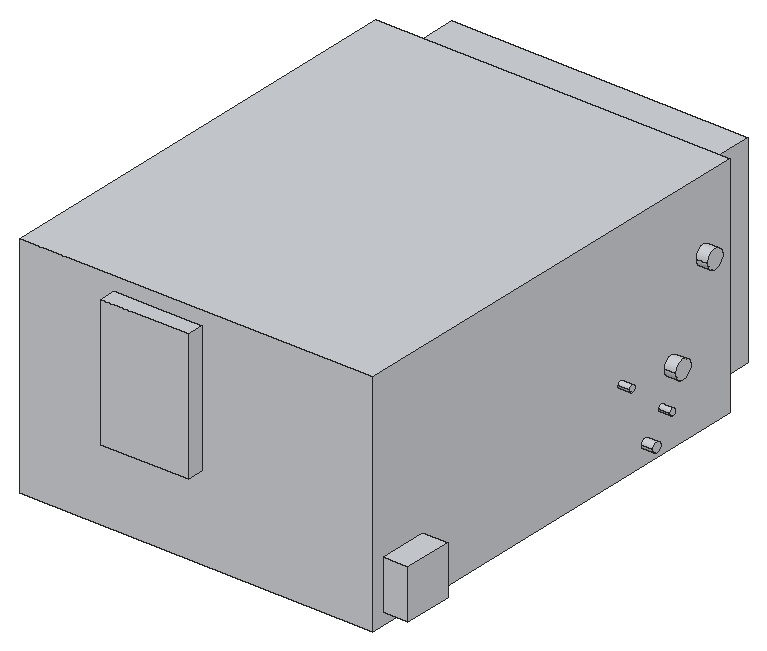
Revit family "843a816d398440ae8cb27027ffbc65f6", category Mechanical Equipment, Revit 2021
Family settings
  Round Connector Dimension = Use Radius
  Part Type = Normal
  OmniClass Number = 23.75.70.17.27
  OmniClass Title = Fan Coil Units
  Seek Item ID = Fan Coil Unit - Horizontal - Belt Drive - CHW-0000-USA-ENU
  Work Plane-Based = No
  Always vertical = Yes
  Cut with Voids When Loaded = No
  Shared = No
  Room Calculation Point = No
Parameters (values of type "600 CFM")
  Voltage = 120 V
  Unit Width = 3' - 0 3/16"
  Unit Length = 2' - 4 11/16"
  Unit Height = 1' - 6 1/2"
  Total Cooling Capacity = 19500 Btu/h
  Supply Air Width = 7 1/8"
  Supply Air Height = 10 9/16"
  Sensible Cooling Capacity = 14500 Btu/h
  Return Air Width = 24 1/16"
  Return Air Height = 16 7/16"
  Number of Poles = 1
  Nominal Air Flow [instance] = 600 CFM
  Load Classification = Cooling
  Heating Water Pressure Drop [instance] = 11.30 psi
  Heating Water Flow [instance] = 2 GPM
  Heating Capacity = 46900 Btu/h
  External Static Pressure [instance] = 0.30 in-wg
  Drain Flow [instance] = 0 GPM
  Default Elevation = 0' - 0"
  Chilled Water Radius = 3/4"
  Chilled Water Pressure Drop [instance] = 11.30 psi
  Chilled Water Flow [instance] = 3 GPM
  Chilled Water Diameter = Chilled Water Radius * 2  # 1 1/2"
  CFU Material = none
  C6 Offset 2 = 0' - 1 1/8"
  C6 Offset 1 = 1' - 1 7/8"
  C4 Offset 2 = 0' - 7"
  C4 Offset 1 = 1' - 3 1/2"
  C3 Offset 2 = 0' - 3 1/2"
  C3 Offset 1 = 0' - 7"
  C2 Offset 2 = 1' - 0 3/4"
  C1 Offset 2 = 0' - 6 1/8"
  C1 Offset 1 = 0' - 5 15/16"
  Apparent Load = 3413 VA
Types (9): name | Voltage | Unit Width | Unit Length | Unit Height | Total Cooling Capacity | Supply Air Width | Supply Air Height | Sensible Cooling Capacity | Return Air Width | Return Air Height | Number of Poles | Nominal Air Flow | Heating Water Pressure Drop | Heating Water Flow | Heating Capacity | Chilled Water Radius | Chilled Water Pressure Drop | Chilled Water Flow | Chilled Water Diameter | C6 Offset 2 | C6 Offset 1 | C4 Offset 2 | C4 Offset 1 | C3 Offset 2 | C3 Offset 1 | C2 Offset 2 | C1 Offset 2 | Apparent Load
  (no name) | 120 V | 3' - 0 3/16" | 2' - 4 11/16" | 1' - 6 1/2" | 19500 Btu/h | 7 1/8" | 10 9/16" | 14500 Btu/h | 24 1/16" | 16 7/16" | 1 | 600 CFM | 11.30 psi | 2 GPM | 46900 Btu/h | 3/4" | 11.30 psi | 3 GPM | 1 1/2" | 0' - 1 1/8" | 1' - 1 7/8" | 0' - 7" | 1' - 3 1/2" | 0' - 3 1/2" | 0' - 7" | 1' - 0 3/4" | 0' - 6 1/8" | 3413 VA
  600 CFM | 120 V | 3' - 0 3/16" | 2' - 4 11/16" | 1' - 6 1/2" | 19500 Btu/h | 7 1/8" | 10 9/16" | 14500 Btu/h | 24 1/16" | 16 7/16" | 1 | 600 CFM | 11.30 psi | 2 GPM | 46900 Btu/h | 3/4" | 11.30 psi | 3 GPM | 1 1/2" | 0' - 1 1/8" | 1' - 1 7/8" | 0' - 7" | 1' - 3 1/2" | 0' - 3 1/2" | 0' - 7" | 1' - 0 3/4" | 0' - 6 1/8" | 3413 VA
  800 CFM | 120 V | 3' - 0 3/16" | 2' - 4 11/16" | 1' - 6 1/2" | 24900 Btu/h | 8 9/16" | 10 9/16" | 18600 Btu/h | 24 1/16" | 16 7/16" | 1 | 800 CFM | 20.10 psi | 2 GPM | 46900 Btu/h | 3/4" | 20.10 psi | 4 GPM | 1 1/2" | 0' - 1 1/8" | 1' - 1 7/8" | 0' - 7" | 1' - 3 1/2" | 0' - 3 1/2" | 0' - 7" | 1' - 0 3/4" | 0' - 6 1/8" | 3413 VA
  1000 CFM | 120 V | 3' - 1 3/4" | 3' - 1 1/16" | 1' - 8 1/4" | 34600 Btu/h | 7 1/2" | 11 11/16" | 24900 Btu/h | 33 1/16" | 18 3/16" | 1 | 1000 CFM | 35.80 psi | 2 GPM | 46900 Btu/h | 3/4" | 35.80 psi | 5 GPM | 1 1/2" | 0' - 1 1/8" | 1' - 1 7/8" | 0' - 7" | 1' - 5 1/8" | 0' - 5 1/8" | 0' - 7" | 1' - 2 3/8" | 0' - 7 3/4" | 3413 VA
  1200 CFM | 120 V | 3' - 1 3/4" | 3' - 1 1/16" | 1' - 8 1/4" | 39800 Btu/h | 9 15/16" | 11 11/16" | 28900 Btu/h | 33 1/16" | 18 3/16" | 1 | 1200 CFM | 51.50 psi | 3 GPM | 68500 Btu/h | 3/4" | 51.50 psi | 6 GPM | 1 1/2" | 0' - 1 1/8" | 1' - 1 7/8" | 0' - 7" | 1' - 5 1/8" | 0' - 5 1/8" | 0' - 7" | 1' - 2 3/8" | 0' - 7 3/4" | 5119.5 VA
  1600 CFM | 120 V | 3' - 1 15/16" | 3' - 11 1/16" | 1' - 8 1/4" | 54400 Btu/h | 13 5/16" | 12 11/16" | 39100 Btu/h | 43 1/16" | 18 3/16" | 1 | 1600 CFM | 43.30 psi | 3 GPM | 87700 Btu/h | 1" | 43.30 psi | 9 GPM | 2" | 0' - 1 1/8" | 1' - 4 13/16" | 0' - 7" | 1' - 0" | 0' - 10 5/8" | 0' - 9 5/8" | 1' - 3 5/8" | 0' - 7 3/4" | 8532.5 VA
  2000 CFM | 120 V | 3' - 4 3/8" | 4' - 0 1/16" | 1' - 10 3/4" | 68600 Btu/h | 12 1/2" | 13 3/4" | 48900 Btu/h | 44 1/16" | 20 11/16" | 1 | 2000 CFM | 72.50 psi | 4 GPM | 104900 Btu/h | 1" | 72.50 psi | 11 GPM | 2" | 0' - 1 1/8" | 1' - 5 3/4" | 0' - 7" | 1' - 1 5/16" | 0' - 11 15/16" | 0' - 9 5/8" | 1' - 6 3/16" | 0' - 7 13/16" | 11945.5 VA
  3000 CFM | 120 V | 3' - 4 3/8" | 4' - 0 1/16" | 2' - 7" | 102800 Btu/h | 15 7/8" | 13 3/4" | 73600 Btu/h | 44 1/16" | 28 15/16" | 1 | 3000 CFM | 46.00 psi | 6 GPM | 149200 Btu/h | 1 1/2" | 46.00 psi | 17 GPM | 3" | 0' - 6 1/8" | 1' - 4 1/16" | 0' - 8" | 1' - 4 7/16" | 1' - 2 1/16" | 0' - 9 5/8" | 2' - 2 5/16" | 0' - 5 15/16" | 20478 VA
  4000 CFM | 208 V | 3' - 7 9/16" | 5' - 2 1/16" | 2' - 7" | 147900 Btu/h | 16 7/16" | 16 1/16" | 102700 Btu/h | 58 1/16" | 28 15/16" | 3 | 4000 CFM | 112.70 psi | 7 GPM | 182400 Btu/h | 1 1/2" | 112.70 psi | 25 GPM | 3" | 0' - 5 1/8" | 1' - 10 13/16" | 0' - 8" | 1' - 4 7/16" | 1' - 2 1/16" | 0' - 9 5/8" | 2' - 2 5/16" | 0' - 5 15/16" | 20478 VA
Reference planes (in)
  plane 1 "Center (Front/Back)": y = 0
  plane 2: z = 0
  plane 3 "Center (Left/Right)": x = 0
  plane 4: x = 28.6875
  plane 5: y = 36.1875
  plane 6: x = 26.6875
  plane 7: x = 2.625
  plane 8: y = 40.5625
  plane 9: y = -1.375
  plane 10: x = 14.8125
  plane 11: x = 7.6875
  plane 12: z = 18.5
  plane 13: z = 17.375
  plane 14: z = 6.8125
  plane 15: x = 30.75
  plane 16: z = 1
  plane 17: z = 17.4375
  plane 18: y = 27.5625
  plane 19: z = 1.625
  plane 20: x = 29.6875
  plane 21: y = 30.25
  plane 22: z = 6.125
  plane 23: y = 29.1875
  plane 24: z = 3.5
  plane 25: y = 25.0625
  plane 26: z = 7
  plane 27: y = 33.5
  plane 28: z = 12.75
  plane 29: y = 1
  plane 30: z = 5
  plane 31: y = 5
Forms (in)
  Extrusion 1, solid, material <- "CFU Material"
    sketch origin (0, 0, 0) x (1, 0, 0) y (0, 1, 0)
      loop
        line (0, 36.1875) -> (0, 0) -> (28.6875, 0) -> (28.6875, 36.1875) -> (0, 36.1875)
    from 0 to 18.5
  Extrusion 2, solid, material <- "CFU Material"
    sketch origin (0, 0, 0) x (1, 0, 0) y (0, 1, 0)
      loop
        line (2.625, 40.5625) -> (2.625, 36.1875) -> (26.6875, 36.1875) -> (26.6875, 40.5625) -> (2.625, 40.5625)
    from 1 to 17.4375
  Extrusion 3, solid, material <- "CFU Material"
    sketch origin (0, 0, 0) x (1, 0, 0) y (0, 1, 0)
      loop
        line (7.6875, 0) -> (7.6875, -1.375) -> (14.8125, -1.375) -> (14.8125, 0) -> (7.6875, 0)
    from 6.8125 to 17.375
  Extrusion 4, solid, material <- "CFU Material"
    sketch origin (0, 0, 0) x (0, 1, 0) y (0, 0, 1)
      loop
        circle (27.5625, 1.625) r 0.375
    from 28.6875 to 29.6875
  Extrusion 5, solid, material <- "CFU Material"
    sketch origin (0, 0, 0) x (0, 1, 0) y (0, 0, 1)
      loop
        circle (30.25, 6.125) r 0.75
    from 28.6875 to 29.6875
  Extrusion 6, solid, material <- "CFU Material"
    sketch origin (0, 0, 0) x (0, 1, 0) y (0, 0, 1)
      loop
        circle (29.1875, 3.5) r 0.25
    from 28.6875 to 29.6875
  Extrusion 7, solid, material <- "CFU Material"
    sketch origin (0, 0, 0) x (0, 1, 0) y (0, 0, 1)
      loop
        circle (25.0625, 7) r 0.25
    from 28.6875 to 29.6875
  Extrusion 8, solid, material <- "CFU Material"
    sketch origin (0, 0, 0) x (0, 1, 0) y (0, 0, 1)
      loop
        circle (33.5, 12.75) r 0.75
    from 28.6875 to 29.6875
  Extrusion 9, solid, material <- "CFU Material"
    sketch origin (0, 0, 0) x (0, 1, 0) y (0, 0, 1)
      loop
        line (1, 5) -> (1, 1) -> (5, 1) -> (5, 5) -> (1, 5)
    from 28.6875 to 30.75
Cuts and joins
  joined: Extrusion 1, Extrusion 2, Extrusion 3, Extrusion 4, Extrusion 5, Extrusion 6, Extrusion 7, Extrusion 8, Extrusion 9
Dimensions and locks (in)
  "Unit Length": plane 3 "Center (Left/Right)" to plane 4
  "Unit Width": plane 5 to plane 1 "Center (Front/Back)"
  locked: plane 6 to plane 4 at 2
  "Return Air Width": plane 7 to plane 6
  "C6 Offset 1": plane 10 to plane 4
  "Supply Air Width": plane 11 to plane 10
  "Unit Height": plane 12 to plane 2
  "C6 Offset 2": plane 12 to plane 13
  "Supply Air Height": plane 13 to plane 14
  locked: plane 4 to plane 15 at 2.0625
  locked: plane 2 to plane 16 at 1
  "Return Air Height": plane 16 to plane 17
  locked: plane 9 to plane 1 "Center (Front/Back)" at 1.375
  locked: plane 8 to plane 5 at 4.375
  locked: plane 4 to plane 20 at 1
  locked: plane 19 to plane 2 at 1.625
  locked: plane 18 to plane 5 at 8.625
  "C1 Offset 1": plane 21 to plane 5
  "C1 Offset 2": plane 22 to plane 2
  "C3 Offset 1": plane 23 to plane 5
  "C3 Offset 2": plane 24 to plane 2
  "C4 Offset 1": plane 25 to plane 8
  "C4 Offset 2": plane 26 to plane 2
  locked: plane 27 to plane 5 at 2.6875
  "C2 Offset 2": plane 28 to plane 2
  locked: plane 1 "Center (Front/Back)" to plane 29 at 1
  locked: plane 30 to plane 16 at 4
  locked: plane 29 to plane 31 at 4
  "Chilled Water Radius": radius of Extrusion 5 sketch curve
  radius of Extrusion 4 sketch curve = 0' - 0 3/8"
  radius of Extrusion 7 sketch curve = 0' - 0 1/4"
  "Chilled Water Radius": radius of Extrusion 8 sketch curve
  aligned and locked: plane 3 "Center (Left/Right)" to Extrusion 1 sketch curve
  aligned and locked: Extrusion 1 sketch curve to plane 4
  aligned and locked: Extrusion 1 sketch curve to plane 1 "Center (Front/Back)"
  aligned and locked: Extrusion 1 sketch curve to plane 5
  aligned and locked: Extrusion 2 sketch curve to plane 8
  aligned and locked: plane 7 to Extrusion 2 sketch curve
  aligned and locked: plane 5 to Extrusion 2 sketch curve
  aligned and locked: Extrusion 2 sketch curve to plane 6
  aligned and locked: plane 11 to Extrusion 3 sketch curve
  aligned and locked: Extrusion 3 sketch curve to plane 10
  aligned and locked: plane 9 to Extrusion 3 sketch curve
  aligned and locked: plane 1 "Center (Front/Back)" to Extrusion 3 sketch curve
  aligned and locked: plane 12 to Extrusion 1
  aligned and locked: Extrusion 1 to plane 2
  aligned and locked: plane 13 to Extrusion 3
  aligned and locked: Extrusion 3 to plane 14
  aligned and locked: Extrusion 2 to plane 17
  aligned and locked: Extrusion 2 to plane 16
  aligned and locked: plane 19 to Extrusion 4 sketch curve
  aligned and locked: plane 18 to Extrusion 4 sketch curve
  aligned and locked: plane 20 to Extrusion 4
  aligned and locked: Extrusion 4 to plane 4
  aligned and locked: plane 22 to Extrusion 5 sketch curve
  aligned and locked: plane 21 to Extrusion 5 sketch curve
  aligned and locked: Extrusion 5 to plane 4
  aligned and locked: plane 24 to Extrusion 6 sketch curve
  aligned and locked: Extrusion 6 sketch curve to plane 23
  aligned and locked: plane 25 to Extrusion 7 sketch curve
  aligned and locked: plane 26 to Extrusion 7 sketch curve
  aligned and locked: plane 20 to Extrusion 5
  aligned and locked: plane 20 to Extrusion 6
  aligned and locked: Extrusion 6 to plane 4
  aligned and locked: plane 4 to Extrusion 7
  aligned and locked: plane 20 to Extrusion 7
  aligned and locked: plane 27 to Extrusion 8 sketch curve
  aligned and locked: plane 20 to Extrusion 8
  aligned and locked: Extrusion 8 to plane 4
  aligned and locked: Extrusion 9 sketch curve to plane 30
  aligned and locked: plane 29 to Extrusion 9 sketch curve
  aligned and locked: Extrusion 9 sketch curve to plane 31
  aligned and locked: plane 16 to Extrusion 9 sketch curve
  aligned and locked: plane 4 to Extrusion 9
  aligned and locked: plane 15 to Extrusion 9
  aligned and locked: plane 28 to Extrusion 8 sketch curve
Automatic sketch dimensions
  radius of Extrusion 6 sketch curve = 0' - 0 1/4"
Connectors (in)
  piping at (29.6875, 30.25, 6.125), diameter 1.5, driven by "Chilled Water Flow", driven by "Chilled Water Radius"
    settings: on Extrusion 5, index 1, connector inside diameter 1 1/2", connector length 0' - 0", flow factor 0, pipe flow 3 GPM, pressure drop 0.00 psi, fitting loss kfactor 0, connector angle 0.00°, fixture units 0, engagement length 0' - 0", angle of deflection 0.00°, flow configuration 1, flow direction 1, fitting loss method 4, system type 7, joint type 0, gender type 0, connector reference index 2, connector utility 0, adjustable connector no, is connector primary yes, connector description "Chilled Water,In"
  piping at (29.6875, 33.5, 12.75), diameter 1.5, driven by "Chilled Water Pressure Drop", driven by "Chilled Water Flow", driven by "Chilled Water Radius"
    settings: on Extrusion 8, index 2, connector inside diameter 1 1/2", connector length 0' - 0", flow factor 0, pipe flow 3 GPM, pressure drop 11.30 psi, fitting loss kfactor 0, connector angle 0.00°, fixture units 0, engagement length 0' - 0", angle of deflection 0.00°, flow configuration 1, flow direction 2, fitting loss method 4, system type 8, joint type 0, gender type 0, connector reference index 1, connector utility 0, adjustable connector no, is connector primary no, connector description "Chilled Water,Out"
  piping at (29.6875, 29.1875, 3.5), diameter 0.5, driven by "Heating Water Flow"
    settings: on Extrusion 6, index 3, connector inside diameter 1/2", connector length 0' - 0", flow factor 0, pipe flow 2 GPM, pressure drop 0.00 psi, fitting loss kfactor 0, connector angle 0.00°, fixture units 0, engagement length 0' - 0", angle of deflection 0.00°, flow configuration 1, flow direction 1, fitting loss method 4, system type 7, joint type 0, gender type 0, connector reference index 4, connector utility 0, adjustable connector no, is connector primary no, connector description "Heating Water,In"
  piping at (29.6875, 25.0625, 7), diameter 0.5, driven by "Heating Water Pressure Drop", driven by "Heating Water Flow"
    settings: on Extrusion 7, index 4, connector inside diameter 1/2", connector length 0' - 0", flow factor 0, pipe flow 2 GPM, pressure drop 11.30 psi, fitting loss kfactor 0, connector angle 0.00°, fixture units 0, engagement length 0' - 0", angle of deflection 0.00°, flow configuration 1, flow direction 2, fitting loss method 4, system type 8, joint type 0, gender type 0, connector reference index 3, connector utility 0, adjustable connector no, is connector primary no, connector description "Heating Water,Out"
  piping at (29.6875, 27.5625, 1.625), diameter 0.75, driven by "Drain Flow"
    settings: on Extrusion 4, index 5, connector inside diameter 3/4", connector length 0' - 0", flow factor 0, pipe flow 0 GPM, pressure drop 0.00 psi, fitting loss kfactor 0, connector angle 0.00°, fixture units 0, engagement length 0' - 0", angle of deflection 0.00°, flow configuration 1, flow direction 2, fitting loss method 0, system type 16, joint type 0, gender type 0, connector reference index -1, connector utility 0, adjustable connector yes, is connector primary no, connector description "Drain,Out"
  hvac at (11.25, -1.375, 12.09375), driven by "Nominal Air Flow", driven by "Supply Air Height", driven by "Supply Air Width"
    settings: on Extrusion 3, index 6, duct flow 600 CFM, flow factor 0, pres drop 0.00 in-wg, loss coef 0, conn angle 0.00°, conn width 7 1/8", conn height 10 9/16", conn diameter 24", duct sys type 1, conn prof type 1, flow config 0, flow direction 2, loss method 0, conn ref index 7, conn util no, is conn primary yes, conn desc ""
  hvac at (14.65625, 40.5625, 9.21875), driven by "Return Air Height", driven by "Return Air Width", driven by "Nominal Air Flow"
    settings: on Extrusion 2, index 7, duct flow 600 CFM, flow factor 0, pres drop 0.00 in-wg, loss coef 0, conn angle 0.00°, conn width 24 1/16", conn height 16 7/16", conn diameter 24", duct sys type 2, conn prof type 1, flow config 0, flow direction 1, loss method 0, conn ref index 6, conn util no, is conn primary no, conn desc ""
  electrical at (30.75, 3, 3), driven by "Apparent Load", driven by "Voltage", driven by "Number of Poles", driven by "Load Classification"
    settings: on Extrusion 9, index 8, voltage 120 V, apparent load 3413 VA, apparent load phase1 0 VA, apparent load phase2 0 VA, apparent load phase3 0 VA, power factor 0.8, load classification "Cooling", number of poles 1, system type 30, power factor state 1, is connector primary yes, connector utility no, sub classification motor no, connector description ""
